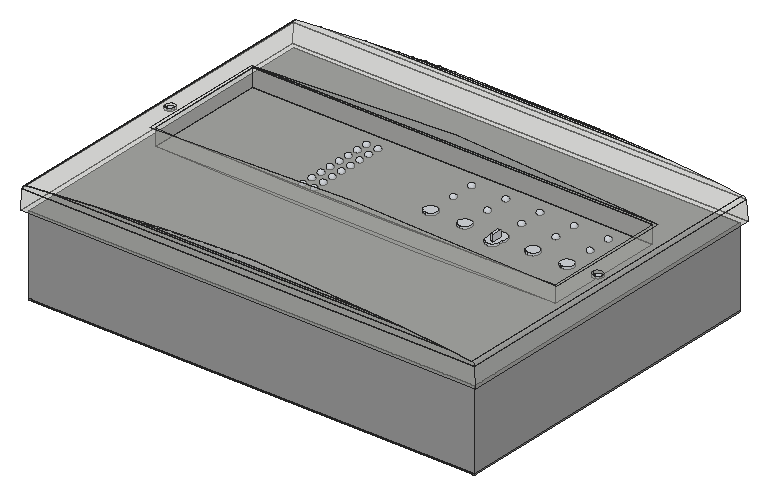
Revit family "Maxlogic Conventional Fire Alarm Panels big", category Fire Alarm Devices, host Face, Revit 2022
Family settings
  Host = Face
  Round Connector Dimension = Use Diameter
  Part Type = Normal
  OmniClass Number = 23.85.30.21
  OmniClass Title = Environmental Detection/Registration
  Cut with Voids When Loaded = No
  Maintain Annotation Orientation = Yes
  Shared = No
  Room Calculation Point = No
Parameters (values of type "Maxlogic Conventional Fire Alarm Panel, 8 Zone")
  Weight = "~ 4,275 - 4,4 kg (Except Batery)"
  Weatherproof surface mounting back box = ""
  Warranty Duration Unit = "Year"
  Warranty Duration Parts = "2"
  Warranty Duration Labor = "2"
  Version = ""
  URL = "https://www.mavili.com.tr/en"
  Recessed mounting base = ""
  Public Works Pose Number = "833-212"
  Protection Sign = ""
  Product Code = "ML-22108"
  Phone Number = "(+)90 216 466 45 05"
  Operatonal Voltage (default) = ""
  Operating voltage range = ""
  Operating temperature = "(-5°C) - (+50°C)"
  Nominal Depth = "100 mm"
  Nominal Width = "400 mm"
  Nominal Height = "300 mm"
  Mounting surface = "Wall mount"
  Mounting height = ""
  Model = "Maxlogic"
  Manufacturer = "Mavili Elektronik Ticaret A.Ş."
  LED 8 = no
  LED 4 = yes
  LED 2 = yes
  Installation Manual = "https://mavilielektronik.com/Revit/ML221XX_enkk.pdf"
  Indicator output = ""
  Fax Number = "(+)90 216 466 45 10"
  External supply = "220 V AC"
  Email = "mavili@mavili.com.tr"
  Disclaimer = ""
  Device Adress Setup = ""
  Description = "Conventional Fire Alarm Panel, 8 Zone"
  Default Elevation = 0 mm
  Current consumption = ""
  Cost unıt = ""
  Cost = 0
  Compatible sockets = ""
  Color = "White"
  Code Performance = "EN 54-2 / EN 54-4"
  Main Material = "Metal Grey"
  Secondary Material = "White Plastic ABS"
  Battery = "2 X (12V DC 7 Ah )"
  Assembly Code = ""
  Address line 1 = "Şerifali Mahallesi Kutup Sokak No:27/1-2-4 Ümraniye TR-34775 İSTANBUL"
Types (5, lengths in mm): name | Public Works Pose Number | Product Code | LED 8 | LED 4 | LED 2 | Description
  (no name) | "833-212" | "ML-22108" | no | yes | yes | "Conventional Fire Alarm Panel, 8 Zone"
  Maxlogic Conventional Fire Alarm Panel, 16 Zone | "833-214" | "ML-22116" | yes | yes | yes | "Conventional Fire Alarm Panel, 16 Zone"
  Maxlogic Conventional Fire Alarm Panel, 8 Zone | "833-212" | "ML-22108" | no | yes | yes | "Conventional Fire Alarm Panel, 8 Zone"
  Maxlogic Conventional Fire Alarm Panel, 4 Zone | "833-211" | "ML-22104" | no | no | yes | "Conventional Fire Alarm Panel, 4 Zone"
  Maxlogic Conventional Fire Alarm Panel, 2 Zone | "" | "ML-22102" | no | no | no | "Conventional Fire Alarm Panel, 2 Zone"
Reference planes
  plane 1 "Center (Front/Back)": y = 0
  plane 2: z = 0
  plane 3 "Center (Left/Right)": x = 0
Forms (mm)
  Extrusion 1, solid, material "mavili arka kasa"
    sketch origin (-210, -150, 148.173) x (1, 0, 0) y (0, 0, -1)
      loop
        line (42.905, 77.3) -> (434.905, 77.3) -> (434.905, 146.904)
        arc (434.905, 146.904) -> (434.545, 147.715) -> (433.785, 148.173) r 1.476
        line (433.785, 148.173) -> (44.505, 148.173)
        arc (44.505, 148.173) -> (43.374, 147.704) -> (42.905, 146.573) r 1.6
        line (42.905, 146.573) -> (42.905, 77.3)
    from 0 to 300
  Extrusion 2, solid, material "Mavili beyaz"
    sketch origin (-210, -150, 148.173) x (1, 0, 0) y (0, 0, -1)
      loop
        line (38.905, 77.3) -> (39.824, 59.769)
        arc (39.824, 59.769) -> (40.651, 57.854) -> (42.526, 56.941) r 3
        arc (42.526, 56.941) -> (238.905, 47.3) -> (435.284, 56.941) r 2005
        arc (435.284, 56.941) -> (437.16, 57.854) -> (437.987, 59.769) r 3
        line (437.987, 59.769) -> (438.905, 77.3) -> (38.905, 77.3)
    from 0 to 300
  Extrusion 3, void
    sketch origin (-167.095, -150, 70.872) x (0, 0, 1) y (0, -1, 0)
      loop
        arc (-69.27, -296) -> (-70.403, -295.532) -> (-70.872, -294.4) r 1.6
        line (-70.872, -294.4) -> (-70.872, -300) -> (0, -300) -> (0, -296) -> (-69.27, -296)
    from 0 to 392
  Extrusion 4, void
    sketch origin (-167.095, 150, 70.872) x (0, 0, 1) y (0, -1, 0)
      loop
        line (-69.27, 296) -> (0, 296) -> (0, 300) -> (-70.872, 300) -> (-70.872, 294.4)
        arc (-70.872, 294.4) -> (-70.403, 295.532) -> (-69.27, 296) r 1.6
    from 0 to 392
  Extrusion 5, void
    sketch origin (-210, -150, 148.173) x (0, 0, -1) y (0, 1, 0)
      loop
        line (55.289, 116.326) -> (55.289, 228.158) -> (47.3, 228.297) -> (47.3, 111.721) -> (55.289, 116.326)
    from 0 to 497.127
  Extrusion 6, void
    sketch origin (-210, -150, 148.173) x (0, 0, -1) y (0, 1, 0)
      loop
        arc (47.3, 295.581) -> (48.124, 297.646) -> (50.143, 298.577) r 3
        line (50.143, 298.577) -> (51.913, 298.669) -> (55.057, 298.834) -> (59.769, 299.081) -> (77.3, 300) -> (50, 300) -> (47.3, 300) -> (47.3, 295.581)
    from 0 to 493.151
  Extrusion 7, void
    sketch origin (-210, 150, 148.173) x (0, 0, -1) y (0, 1, 0)
      loop
        line (47.3, -295.581) -> (47.3, -300) -> (50, -300) -> (77.3, -300) -> (59.769, -299.081) -> (55.057, -298.834) -> (51.913, -298.669) -> (50.143, -298.577)
        arc (50.143, -298.577) -> (48.124, -297.646) -> (47.3, -295.581) r 3
    from 0 to 493.151
  Extrusion 8, void
    sketch origin (-167.095, 146, 25.472) x (0, 0, -1) y (1, 0, 0)
      loop
        line (-13.523, 66.9) -> (-13.523, 68.054)
        arc (-13.523, 68.054) -> (-15, 68.144) -> (-16.477, 68.054) r 12.144
        line (-16.477, 68.054) -> (-16.477, 66.9)
        arc (-16.477, 66.9) -> (-26, 56.025) -> (-16.527, 45.106) r 11
        line (-16.527, 45.106) -> (-16.527, 43.952)
        arc (-16.527, 43.952) -> (-15, 43.856) -> (-13.473, 43.952) r 12.144
        line (-13.473, 43.952) -> (-13.473, 45.106)
        arc (-13.473, 45.106) -> (-4, 56.025) -> (-13.523, 66.9) r 11
    from 0 to 1
  Extrusion 9, void
    sketch origin (-127.095, 146, 25.472) x (0, 0, -1) y (1, 0, 0)
      loop
        line (-13.523, 66.9) -> (-13.523, 68.054)
        arc (-13.523, 68.054) -> (-15, 68.144) -> (-16.477, 68.054) r 12.144
        line (-16.477, 68.054) -> (-16.477, 66.9)
        arc (-16.477, 66.9) -> (-26, 56.025) -> (-16.527, 45.106) r 11
        line (-16.527, 45.106) -> (-16.527, 43.952)
        arc (-16.527, 43.952) -> (-15, 43.856) -> (-13.473, 43.952) r 12.144
        line (-13.473, 43.952) -> (-13.473, 45.106)
        arc (-13.473, 45.106) -> (-4, 56.025) -> (-13.523, 66.9) r 11
    from 0 to 1
  Extrusion 10, void
    sketch origin (-87.095, 146, 25.472) x (0, 0, -1) y (1, 0, 0)
      loop
        line (-13.523, 66.9) -> (-13.523, 68.054)
        arc (-13.523, 68.054) -> (-15, 68.144) -> (-16.477, 68.054) r 12.144
        line (-16.477, 68.054) -> (-16.477, 66.9)
        arc (-16.477, 66.9) -> (-26, 56.025) -> (-16.527, 45.106) r 11
        line (-16.527, 45.106) -> (-16.527, 43.952)
        arc (-16.527, 43.952) -> (-15, 43.856) -> (-13.473, 43.952) r 12.144
        line (-13.473, 43.952) -> (-13.473, 45.106)
        arc (-13.473, 45.106) -> (-4, 56.025) -> (-13.523, 66.9) r 11
    from 0 to 1
  Extrusion 11, void
    sketch origin (-47.095, 146, 25.472) x (0, 0, -1) y (1, 0, 0)
      loop
        line (-13.523, 66.9) -> (-13.523, 68.054)
        arc (-13.523, 68.054) -> (-15, 68.144) -> (-16.477, 68.054) r 12.144
        line (-16.477, 68.054) -> (-16.477, 66.9)
        arc (-16.477, 66.9) -> (-26, 56.025) -> (-16.527, 45.106) r 11
        line (-16.527, 45.106) -> (-16.527, 43.952)
        arc (-16.527, 43.952) -> (-15, 43.856) -> (-13.473, 43.952) r 12.144
        line (-13.473, 43.952) -> (-13.473, 45.106)
        arc (-13.473, 45.106) -> (-4, 56.025) -> (-13.523, 66.9) r 11
    from 0 to 1
  Extrusion 12, void
    sketch origin (-7.095, 146, 25.472) x (0, 0, -1) y (1, 0, 0)
      loop
        line (-13.523, 66.9) -> (-13.523, 68.054)
        arc (-13.523, 68.054) -> (-15, 68.144) -> (-16.477, 68.054) r 12.144
        line (-16.477, 68.054) -> (-16.477, 66.9)
        arc (-16.477, 66.9) -> (-26, 56.025) -> (-16.527, 45.106) r 11
        line (-16.527, 45.106) -> (-16.527, 43.952)
        arc (-16.527, 43.952) -> (-15, 43.856) -> (-13.473, 43.952) r 12.144
        line (-13.473, 43.952) -> (-13.473, 45.106)
        arc (-13.473, 45.106) -> (-4, 56.025) -> (-13.523, 66.9) r 11
    from 0 to 1
  Extrusion 13, void
    sketch origin (32.905, 146, 25.472) x (0, 0, -1) y (1, 0, 0)
      loop
        line (-13.523, 66.9) -> (-13.523, 68.054)
        arc (-13.523, 68.054) -> (-15, 68.144) -> (-16.477, 68.054) r 12.144
        line (-16.477, 68.054) -> (-16.477, 66.9)
        arc (-16.477, 66.9) -> (-26, 56.025) -> (-16.527, 45.106) r 11
        line (-16.527, 45.106) -> (-16.527, 43.952)
        arc (-16.527, 43.952) -> (-15, 43.856) -> (-13.473, 43.952) r 12.144
        line (-13.473, 43.952) -> (-13.473, 45.106)
        arc (-13.473, 45.106) -> (-4, 56.025) -> (-13.523, 66.9) r 11
    from 0 to 1
  Extrusion 14, void
    sketch origin (72.905, 146, 25.472) x (0, 0, -1) y (1, 0, 0)
      loop
        line (-13.523, 66.9) -> (-13.523, 68.054)
        arc (-13.523, 68.054) -> (-15, 68.144) -> (-16.477, 68.054) r 12.144
        line (-16.477, 68.054) -> (-16.477, 66.9)
        arc (-16.477, 66.9) -> (-26, 56.025) -> (-16.527, 45.106) r 11
        line (-16.527, 45.106) -> (-16.527, 43.952)
        arc (-16.527, 43.952) -> (-15, 43.856) -> (-13.473, 43.952) r 12.144
        line (-13.473, 43.952) -> (-13.473, 45.106)
        arc (-13.473, 45.106) -> (-4, 56.025) -> (-13.523, 66.9) r 11
    from 0 to 1
  Extrusion 15, void
    sketch origin (112.905, 146, 25.472) x (0, 0, -1) y (1, 0, 0)
      loop
        line (-13.523, 66.9) -> (-13.523, 68.054)
        arc (-13.523, 68.054) -> (-15, 68.144) -> (-16.477, 68.054) r 12.144
        line (-16.477, 68.054) -> (-16.477, 66.9)
        arc (-16.477, 66.9) -> (-26, 56.025) -> (-16.527, 45.106) r 11
        line (-16.527, 45.106) -> (-16.527, 43.952)
        arc (-16.527, 43.952) -> (-15, 43.856) -> (-13.473, 43.952) r 12.144
        line (-13.473, 43.952) -> (-13.473, 45.106)
        arc (-13.473, 45.106) -> (-4, 56.025) -> (-13.523, 66.9) r 11
    from 0 to 1
  Extrusion 16, void
    sketch origin (-210, -33.417, 92.884) x (-1, 0, 0) y (0, 1, 0)
      loop
        line (-62.836, 2.214) -> (-62.836, 108.579)
        spline (-62.836, 108.579) -> (-92.123, 108.62) -> (-121.442, 108.654) -> (-150.785, 108.681) -> (-180.148, 108.699) -> (-209.524, 108.711) -> (-238.905, 108.714) -> (-268.287, 108.711) -> (-297.662, 108.699) -> (-327.025, 108.681) -> (-356.369, 108.654) -> (-385.687, 108.62) -> (-414.974, 108.579)
        line (-414.974, 108.579) -> (-414.974, 2.214)
        spline (-414.974, 2.214) -> (-385.687, 0.847) -> (-356.369, -0.273) -> (-327.025, -1.144) -> (-297.662, -1.766) -> (-268.287, -2.14) -> (-238.905, -2.264) -> (-209.524, -2.14) -> (-180.148, -1.766) -> (-150.785, -1.144) -> (-121.442, -0.273) -> (-92.123, 0.847) -> (-62.836, 2.214)
    from 0 to 15
  Extrusion 17, void
    sketch origin (-210, -33.417, 92.884) x (-1, 0, 0) y (0, 1, 0)
      loop
        circle (-50.905, 33.417) r 4.25
    from 0 to 3
  Extrusion 18, solid
    sketch origin (-210, -33.442, 89.884) x (0, 1, 0) y (-1, 0, 0)
      loop
        line (35.753, -50.862) -> (34.597, -48.861) -> (32.286, -48.861) -> (31.13, -50.862) -> (32.286, -52.864) -> (34.597, -52.864) -> (35.753, -50.862)
    from 0 to 1
  Extrusion 19, void
    sketch origin (267.811, -33.417, 92.884) x (-1, 0, 0) y (0, 1, 0)
      loop
        circle (50.905, 33.417) r 4.25
    from 0 to 3
  Extrusion 20, solid
    sketch origin (267.811, -33.442, 89.884) x (0, 1, 0) y (-1, 0, 0)
      loop
        line (35.753, 50.862) -> (34.597, 52.864) -> (32.286, 52.864) -> (31.13, 50.862) -> (32.286, 48.861) -> (34.597, 48.861) -> (35.753, 50.862)
    from 0 to 1
  Revolve 21, solid, visible <- "LED 8"
    sketch origin (-210, -33.417, 77.884) x (0, 1, 0) y (-1, 0, 0)
      loop
        line (96.899, -86.908) -> (91.899, -86.908)
        arc (91.899, -86.908) -> (94.399, -89.408) -> (96.899, -86.908) r 2.5
      axis (96.899, -86.908) -> (91.899, -86.908)
    angle from 0 to -180
  Revolve 22, solid, visible <- "LED 8"
    sketch origin (-200, -33.417, 77.884) x (0, 1, 0) y (-1, 0, 0)
      loop
        line (96.899, -86.908) -> (91.899, -86.908)
        arc (91.899, -86.908) -> (94.399, -89.408) -> (96.899, -86.908) r 2.5
      axis (96.899, -86.908) -> (91.899, -86.908)
    angle from 0 to -180
  Revolve 23, solid, visible <- "LED 8"
    sketch origin (-210, -43.417, 77.884) x (0, 1, 0) y (-1, 0, 0)
      loop
        line (96.899, -86.908) -> (91.899, -86.908)
        arc (91.899, -86.908) -> (94.399, -89.408) -> (96.899, -86.908) r 2.5
      axis (96.899, -86.908) -> (91.899, -86.908)
    angle from 0 to -180
  Revolve 24, solid, visible <- "LED 8"
    sketch origin (-200, -43.417, 77.884) x (0, 1, 0) y (-1, 0, 0)
      loop
        line (96.899, -86.908) -> (91.899, -86.908)
        arc (91.899, -86.908) -> (94.399, -89.408) -> (96.899, -86.908) r 2.5
      axis (96.899, -86.908) -> (91.899, -86.908)
    angle from 0 to -180
  Revolve 25, solid, visible <- "LED 8"
    sketch origin (-210, -53.417, 77.884) x (0, 1, 0) y (-1, 0, 0)
      loop
        line (96.899, -86.908) -> (91.899, -86.908)
        arc (91.899, -86.908) -> (94.399, -89.408) -> (96.899, -86.908) r 2.5
      axis (96.899, -86.908) -> (91.899, -86.908)
    angle from 0 to -180
  Revolve 26, solid, visible <- "LED 8"
    sketch origin (-200, -53.417, 77.884) x (0, 1, 0) y (-1, 0, 0)
      loop
        line (96.899, -86.908) -> (91.899, -86.908)
        arc (91.899, -86.908) -> (94.399, -89.408) -> (96.899, -86.908) r 2.5
      axis (96.899, -86.908) -> (91.899, -86.908)
    angle from 0 to -180
  Revolve 27, solid, visible <- "LED 8"
    sketch origin (-210, -63.417, 77.884) x (0, 1, 0) y (-1, 0, 0)
      loop
        line (96.899, -86.908) -> (91.899, -86.908)
        arc (91.899, -86.908) -> (94.399, -89.408) -> (96.899, -86.908) r 2.5
      axis (96.899, -86.908) -> (91.899, -86.908)
    angle from 0 to -180
  Revolve 28, solid, visible <- "LED 8"
    sketch origin (-200, -63.417, 77.884) x (0, 1, 0) y (-1, 0, 0)
      loop
        line (96.899, -86.908) -> (91.899, -86.908)
        arc (91.899, -86.908) -> (94.399, -89.408) -> (96.899, -86.908) r 2.5
      axis (96.899, -86.908) -> (91.899, -86.908)
    angle from 0 to -180
  Revolve 29, solid, visible <- "LED 8"
    sketch origin (-210, -73.417, 77.884) x (0, 1, 0) y (-1, 0, 0)
      loop
        line (96.899, -86.908) -> (91.899, -86.908)
        arc (91.899, -86.908) -> (94.399, -89.408) -> (96.899, -86.908) r 2.5
      axis (96.899, -86.908) -> (91.899, -86.908)
    angle from 0 to -180
  Revolve 30, solid, visible <- "LED 8"
    sketch origin (-200, -73.417, 77.884) x (0, 1, 0) y (-1, 0, 0)
      loop
        line (96.899, -86.908) -> (91.899, -86.908)
        arc (91.899, -86.908) -> (94.399, -89.408) -> (96.899, -86.908) r 2.5
      axis (96.899, -86.908) -> (91.899, -86.908)
    angle from 0 to -180
  Revolve 31, solid, visible <- "LED 8"
    sketch origin (-210, -83.417, 77.884) x (0, 1, 0) y (-1, 0, 0)
      loop
        line (96.899, -86.908) -> (91.899, -86.908)
        arc (91.899, -86.908) -> (94.399, -89.408) -> (96.899, -86.908) r 2.5
      axis (96.899, -86.908) -> (91.899, -86.908)
    angle from 0 to -180
  Revolve 32, solid, visible <- "LED 8"
    sketch origin (-200, -83.417, 77.884) x (0, 1, 0) y (-1, 0, 0)
      loop
        line (96.899, -86.908) -> (91.899, -86.908)
        arc (91.899, -86.908) -> (94.399, -89.408) -> (96.899, -86.908) r 2.5
      axis (96.899, -86.908) -> (91.899, -86.908)
    angle from 0 to -180
  Revolve 33, solid, visible <- "LED 8"
    sketch origin (-210, -93.417, 77.884) x (0, 1, 0) y (-1, 0, 0)
      loop
        line (96.899, -86.908) -> (91.899, -86.908)
        arc (91.899, -86.908) -> (94.399, -89.408) -> (96.899, -86.908) r 2.5
      axis (96.899, -86.908) -> (91.899, -86.908)
    angle from 0 to -180
  Revolve 34, solid, visible <- "LED 8"
    sketch origin (-200, -93.417, 77.884) x (0, 1, 0) y (-1, 0, 0)
      loop
        line (96.899, -86.908) -> (91.899, -86.908)
        arc (91.899, -86.908) -> (94.399, -89.408) -> (96.899, -86.908) r 2.5
      axis (96.899, -86.908) -> (91.899, -86.908)
    angle from 0 to -180
  Revolve 35, solid, visible <- "LED 8"
    sketch origin (-210, -103.417, 77.884) x (0, 1, 0) y (-1, 0, 0)
      loop
        line (96.899, -86.908) -> (91.899, -86.908)
        arc (91.899, -86.908) -> (94.399, -89.408) -> (96.899, -86.908) r 2.5
      axis (96.899, -86.908) -> (91.899, -86.908)
    angle from 0 to -180
  Revolve 36, solid, visible <- "LED 8"
    sketch origin (-200, -103.417, 77.884) x (0, 1, 0) y (-1, 0, 0)
      loop
        line (96.899, -86.908) -> (91.899, -86.908)
        arc (91.899, -86.908) -> (94.399, -89.408) -> (96.899, -86.908) r 2.5
      axis (96.899, -86.908) -> (91.899, -86.908)
    angle from 0 to -180
  Revolve 37, solid
    sketch origin (-122.5, -33.417, 77.884) x (0, 1, 0) y (-1, 0, 0)
      loop
        line (96.899, -86.908) -> (91.899, -86.908)
        arc (91.899, -86.908) -> (94.399, -89.408) -> (96.899, -86.908) r 2.5
      axis (96.899, -86.908) -> (91.899, -86.908)
    angle from 0 to -180
  Revolve 38, solid
    sketch origin (-112.5, -33.417, 77.884) x (0, 1, 0) y (-1, 0, 0)
      loop
        line (96.899, -86.908) -> (91.899, -86.908)
        arc (91.899, -86.908) -> (94.399, -89.408) -> (96.899, -86.908) r 2.5
      axis (96.899, -86.908) -> (91.899, -86.908)
    angle from 0 to -180
  Revolve 39, solid
    sketch origin (-122.5, -43.417, 77.884) x (0, 1, 0) y (-1, 0, 0)
      loop
        line (96.899, -86.908) -> (91.899, -86.908)
        arc (91.899, -86.908) -> (94.399, -89.408) -> (96.899, -86.908) r 2.5
      axis (96.899, -86.908) -> (91.899, -86.908)
    angle from 0 to -180
  Revolve 40, solid
    sketch origin (-112.5, -43.417, 77.884) x (0, 1, 0) y (-1, 0, 0)
      loop
        line (96.899, -86.908) -> (91.899, -86.908)
        arc (91.899, -86.908) -> (94.399, -89.408) -> (96.899, -86.908) r 2.5
      axis (96.899, -86.908) -> (91.899, -86.908)
    angle from 0 to -180
  Revolve 41, solid, visible <- "LED 2"
    sketch origin (-122.5, -53.417, 77.884) x (0, 1, 0) y (-1, 0, 0)
      loop
        line (96.899, -86.908) -> (91.899, -86.908)
        arc (91.899, -86.908) -> (94.399, -89.408) -> (96.899, -86.908) r 2.5
      axis (96.899, -86.908) -> (91.899, -86.908)
    angle from 0 to -180
  Revolve 42, solid, visible <- "LED 2"
    sketch origin (-112.5, -53.417, 77.884) x (0, 1, 0) y (-1, 0, 0)
      loop
        line (96.899, -86.908) -> (91.899, -86.908)
        arc (91.899, -86.908) -> (94.399, -89.408) -> (96.899, -86.908) r 2.5
      axis (96.899, -86.908) -> (91.899, -86.908)
    angle from 0 to -180
  Revolve 43, solid, visible <- "LED 2"
    sketch origin (-122.5, -63.417, 77.884) x (0, 1, 0) y (-1, 0, 0)
      loop
        line (96.899, -86.908) -> (91.899, -86.908)
        arc (91.899, -86.908) -> (94.399, -89.408) -> (96.899, -86.908) r 2.5
      axis (96.899, -86.908) -> (91.899, -86.908)
    angle from 0 to -180
  Revolve 44, solid, visible <- "LED 2"
    sketch origin (-112.5, -63.417, 77.884) x (0, 1, 0) y (-1, 0, 0)
      loop
        line (96.899, -86.908) -> (91.899, -86.908)
        arc (91.899, -86.908) -> (94.399, -89.408) -> (96.899, -86.908) r 2.5
      axis (96.899, -86.908) -> (91.899, -86.908)
    angle from 0 to -180
  Revolve 45, solid, visible <- "LED 4"
    sketch origin (-122.5, -73.417, 77.884) x (0, 1, 0) y (-1, 0, 0)
      loop
        line (96.899, -86.908) -> (91.899, -86.908)
        arc (91.899, -86.908) -> (94.399, -89.408) -> (96.899, -86.908) r 2.5
      axis (96.899, -86.908) -> (91.899, -86.908)
    angle from 0 to -180
  Revolve 46, solid, visible <- "LED 4"
    sketch origin (-112.5, -73.417, 77.884) x (0, 1, 0) y (-1, 0, 0)
      loop
        line (96.899, -86.908) -> (91.899, -86.908)
        arc (91.899, -86.908) -> (94.399, -89.408) -> (96.899, -86.908) r 2.5
      axis (96.899, -86.908) -> (91.899, -86.908)
    angle from 0 to -180
  Revolve 47, solid, visible <- "LED 4"
    sketch origin (-122.5, -83.417, 77.884) x (0, 1, 0) y (-1, 0, 0)
      loop
        line (96.899, -86.908) -> (91.899, -86.908)
        arc (91.899, -86.908) -> (94.399, -89.408) -> (96.899, -86.908) r 2.5
      axis (96.899, -86.908) -> (91.899, -86.908)
    angle from 0 to -180
  Revolve 48, solid, visible <- "LED 4"
    sketch origin (-112.5, -83.417, 77.884) x (0, 1, 0) y (-1, 0, 0)
      loop
        line (96.899, -86.908) -> (91.899, -86.908)
        arc (91.899, -86.908) -> (94.399, -89.408) -> (96.899, -86.908) r 2.5
      axis (96.899, -86.908) -> (91.899, -86.908)
    angle from 0 to -180
  Revolve 49, solid, visible <- "LED 4"
    sketch origin (-122.5, -93.417, 77.884) x (0, 1, 0) y (-1, 0, 0)
      loop
        line (96.899, -86.908) -> (91.899, -86.908)
        arc (91.899, -86.908) -> (94.399, -89.408) -> (96.899, -86.908) r 2.5
      axis (96.899, -86.908) -> (91.899, -86.908)
    angle from 0 to -180
  Revolve 50, solid, visible <- "LED 4"
    sketch origin (-112.5, -93.417, 77.884) x (0, 1, 0) y (-1, 0, 0)
      loop
        line (96.899, -86.908) -> (91.899, -86.908)
        arc (91.899, -86.908) -> (94.399, -89.408) -> (96.899, -86.908) r 2.5
      axis (96.899, -86.908) -> (91.899, -86.908)
    angle from 0 to -180
  Revolve 51, solid, visible <- "LED 4"
    sketch origin (-122.5, -103.417, 77.884) x (0, 1, 0) y (-1, 0, 0)
      loop
        line (96.899, -86.908) -> (91.899, -86.908)
        arc (91.899, -86.908) -> (94.399, -89.408) -> (96.899, -86.908) r 2.5
      axis (96.899, -86.908) -> (91.899, -86.908)
    angle from 0 to -180
  Revolve 52, solid, visible <- "LED 4"
    sketch origin (-112.5, -103.417, 77.884) x (0, 1, 0) y (-1, 0, 0)
      loop
        line (96.899, -86.908) -> (91.899, -86.908)
        arc (91.899, -86.908) -> (94.399, -89.408) -> (96.899, -86.908) r 2.5
      axis (96.899, -86.908) -> (91.899, -86.908)
    angle from 0 to -180
  Revolve 53, solid
    sketch origin (-30, -33.417, 77.884) x (0, 1, 0) y (-1, 0, 0)
      loop
        line (96.899, -86.908) -> (91.899, -86.908)
        arc (91.899, -86.908) -> (94.399, -89.408) -> (96.899, -86.908) r 2.5
      axis (96.899, -86.908) -> (91.899, -86.908)
    angle from 0 to -180
  Revolve 54, solid
    sketch origin (0, -33.417, 77.884) x (0, 1, 0) y (-1, 0, 0)
      loop
        line (96.899, -86.908) -> (91.899, -86.908)
        arc (91.899, -86.908) -> (94.399, -89.408) -> (96.899, -86.908) r 2.5
      axis (96.899, -86.908) -> (91.899, -86.908)
    angle from 0 to -180
  Revolve 55, solid
    sketch origin (30, -33.417, 77.884) x (0, 1, 0) y (-1, 0, 0)
      loop
        line (96.899, -86.908) -> (91.899, -86.908)
        arc (91.899, -86.908) -> (94.399, -89.408) -> (96.899, -86.908) r 2.5
      axis (96.899, -86.908) -> (91.899, -86.908)
    angle from 0 to -180
  Revolve 56, solid
    sketch origin (60, -33.417, 77.884) x (0, 1, 0) y (-1, 0, 0)
      loop
        line (96.899, -86.908) -> (91.899, -86.908)
        arc (91.899, -86.908) -> (94.399, -89.408) -> (96.899, -86.908) r 2.5
      axis (96.899, -86.908) -> (91.899, -86.908)
    angle from 0 to -180
  Revolve 57, solid
    sketch origin (90, -33.417, 77.884) x (0, 1, 0) y (-1, 0, 0)
      loop
        line (96.899, -86.908) -> (91.899, -86.908)
        arc (91.899, -86.908) -> (94.399, -89.408) -> (96.899, -86.908) r 2.5
      axis (96.899, -86.908) -> (91.899, -86.908)
    angle from 0 to -180
  Revolve 58, solid
    sketch origin (-30, -53.417, 77.884) x (0, 1, 0) y (-1, 0, 0)
      loop
        line (96.899, -86.908) -> (91.899, -86.908)
        arc (91.899, -86.908) -> (94.399, -89.408) -> (96.899, -86.908) r 2.5
      axis (96.899, -86.908) -> (91.899, -86.908)
    angle from 0 to -180
  Revolve 59, solid
    sketch origin (0, -53.417, 77.884) x (0, 1, 0) y (-1, 0, 0)
      loop
        line (96.899, -86.908) -> (91.899, -86.908)
        arc (91.899, -86.908) -> (94.399, -89.408) -> (96.899, -86.908) r 2.5
      axis (96.899, -86.908) -> (91.899, -86.908)
    angle from 0 to -180
  Revolve 60, solid
    sketch origin (30, -53.417, 77.884) x (0, 1, 0) y (-1, 0, 0)
      loop
        line (96.899, -86.908) -> (91.899, -86.908)
        arc (91.899, -86.908) -> (94.399, -89.408) -> (96.899, -86.908) r 2.5
      axis (96.899, -86.908) -> (91.899, -86.908)
    angle from 0 to -180
  Revolve 61, solid
    sketch origin (60, -53.417, 77.884) x (0, 1, 0) y (-1, 0, 0)
      loop
        line (96.899, -86.908) -> (91.899, -86.908)
        arc (91.899, -86.908) -> (94.399, -89.408) -> (96.899, -86.908) r 2.5
      axis (96.899, -86.908) -> (91.899, -86.908)
    angle from 0 to -180
  Revolve 62, solid
    sketch origin (90, -53.417, 77.884) x (0, 1, 0) y (-1, 0, 0)
      loop
        line (96.899, -86.908) -> (91.899, -86.908)
        arc (91.899, -86.908) -> (94.399, -89.408) -> (96.899, -86.908) r 2.5
      axis (96.899, -86.908) -> (91.899, -86.908)
    angle from 0 to -180
  Extrusion 63, solid
    sketch origin (-180, -33.417, 77.884) x (0, 1, 0) y (-1, 0, 0)
      loop
        circle (49.399, -266.908) r 5.5
    from 0 to 1.362
  Extrusion 64, solid
    sketch origin (-210, -33.417, 77.884) x (0, 1, 0) y (-1, 0, 0)
      loop
        circle (49.399, -266.908) r 5.5
    from 0 to 1.362
  Extrusion 65, solid
    sketch origin (-120, -33.417, 77.884) x (0, 1, 0) y (-1, 0, 0)
      loop
        circle (49.399, -266.908) r 5.5
    from 0 to 1.362
  Extrusion 66, solid
    sketch origin (-90, -33.417, 77.884) x (0, 1, 0) y (-1, 0, 0)
      loop
        circle (49.399, -266.908) r 5.5
    from 0 to 1.362
  Extrusion 67, solid
    sketch origin (-210, -33.417, 77.884) x (0, 1, 0) y (-1, 0, 0)
      loop
        arc (45.863, -332.658) -> (56.149, -326.908) -> (45.863, -321.158) r 6.75
        line (45.863, -321.158) -> (42.399, -321.158)
        arc (42.399, -321.158) -> (36.649, -326.908) -> (42.399, -332.658) r 5.75
        line (42.399, -332.658) -> (45.863, -332.658)
    from 0 to 1.362
  Extrusion 68, solid
    sketch origin (-210, -33.417, 77.884) x (0, 1, 0) y (-1, 0, 0)
      loop
        line (49.876, -326.908) -> (49.876, -325.89) -> (41.691, -325.89) -> (41.691, -326.908) -> (41.691, -327.927) -> (49.876, -327.927) -> (49.876, -326.908)
    from 0 to 6.687
Cuts and joins
  Extrusion 3, Extrusion 4, Extrusion 8, Extrusion 9, Extrusion 10, Extrusion 11, Extrusion 12, Extrusion 13, Extrusion 14, Extrusion 15 cuts Extrusion 1
  Extrusion 3, Extrusion 4, Extrusion 5, Extrusion 6, Extrusion 7, Extrusion 16, Extrusion 17, Extrusion 19 cuts Extrusion 2
  Extrusion 19 cuts Extrusion 18
Dimensions and locks
  aligned and locked: plane 2 to host face
  aligned and locked: level to host face
Connectors
  electrical at (29.145, 0, 0)
    settings: on cut or joined group of Extrusion 1, Extrusion 3, Extrusion 4, Extrusion 8, Extrusion 9, Extrusion 10, Extrusion 11, Extrusion 12, Extrusion 13, Extrusion 14, Extrusion 15, index 1, voltage 0 V, apparent load 0 VA, apparent load phase1 0 VA, apparent load phase2 0 VA, apparent load phase3 0 VA, power factor 1, load classification "Other", number of poles 1, system type 31, power factor state 1, is connector primary yes, connector utility no, sub classification motor no, connector description ""
